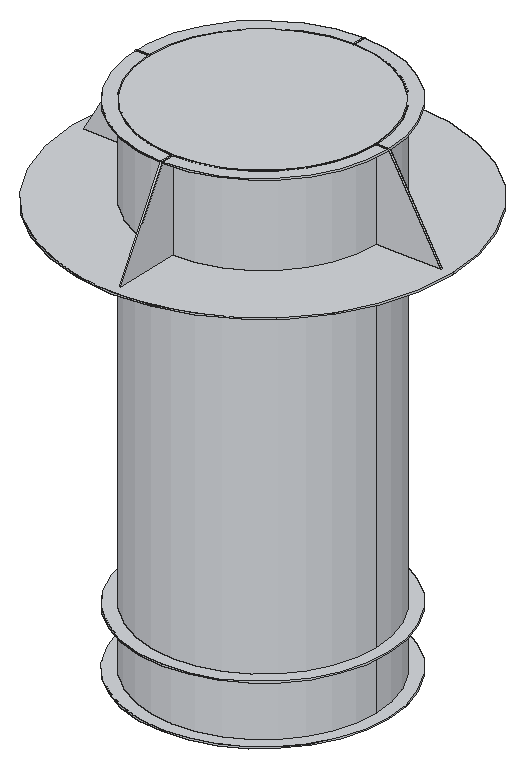
Revit family "НЕВАТОМ_Узел прохода УП3-2, версия 1", category Арматура воздуховодов, Revit 2017
Family settings
  Размер круглого соединителя = Использовать диаметр
  Тип детали = Вставляется
  На основе рабочей плоскости = Нет
  Всегда вертикально = Да
  При загрузке вырезать с полостями = Нет
  Общий = Нет
Parameters (values of type "УЗЕЛ ПРОХОДА-УП3-2-0-500-1000")
  t = 3 mm
  d1 = D1 - D / 10  # 790 mm
  Nevatom_URL = "https://t.me/NEVATOM_Bim_bot"
  L = 1000 mm  # constant formula
  H = 200 mm
  D2 наруж. опорного к. = D1  # 840 mm
  Df1 = 525 mm
  Df наружн. фланц. = (Df1 - D + 3 mm) * 2 + D + 3 mm  # 559 mm
  D1 = 840 mm
  D+3 = D + 3 mm  # 503 mm
  D = 500 mm
  ADSK_Ток = 0 A
  ADSK_Размер_Ширина = D1  # 840 mm
  ADSK_Размер_Длина = D1  # 840 mm
  ADSK_Размер_Высота = L + 130 mm  # 1130 mm
  ADSK_Примечание = ""
  ADSK_Полная мощность = 0 VA
  ADSK_Позиция = ""
  ADSK_Напряжение = 0 V
  ADSK_Наименование [instance] = "Узел прохода"  # constant formula
  ADSK_Материал наименование = "Черная сталь"  # constant formula
  ADSK_Марка [instance] = "УП3-2-0-500-1000"
  ADSK_Количество = 1  # constant formula
  ADSK_Код изделия = ""
  ADSK_Завод-изготовитель = "НЕВАТОМ"  # constant formula
  ADSK_Единица измерения = "шт."  # constant formula
  130 = 130 mm  # constant formula
Types (17, lengths in mm): name | d1 | D2 наруж. опорного к. | Df1 | Df наружн. фланц. | D1 | D+3 | D | ADSK_Размер_Ширина | ADSK_Размер_Длина | ADSK_Марка
  (no name) | 790 | 840 | 525 | 559 | 840 | 503 | 500 | 840 | 840 | "УП3-2-0-500-1000"
  УЗЕЛ ПРОХОДА-УП3-2-0-200-1000 | 520 | 540 | 230 | 269 | 540 | 203 | 200 | 540 | 540 | "УП3-2-0-200-1000"
  УЗЕЛ ПРОХОДА-УП3-2-0-250-1000 | 515 | 540 | 280 | 319 | 540 | 253 | 250 | 540 | 540 | "УП3-2-0-250-1000"
  УЗЕЛ ПРОХОДА-УП3-2-0-280-1000 | 512 | 540 | 310 | 349 | 540 | 283 | 280 | 540 | 540 | "УП3-2-0-280-1000"
  УЗЕЛ ПРОХОДА-УП3-2-0-315-1000 | 658.5 | 690 | 345 | 384 | 690 | 318 | 315 | 690 | 690 | "УП3-2-0-315-1000"
  УЗЕЛ ПРОХОДА-УП3-2-0-355-1000 | 654.5 | 690 | 380 | 414 | 690 | 358 | 355 | 690 | 690 | "УП3-2-0-355-1000"
  УЗЕЛ ПРОХОДА-УП3-2-0-400-1000 | 800 | 840 | 425 | 459 | 840 | 403 | 400 | 840 | 840 | "УП3-2-0-400-1000"
  УЗЕЛ ПРОХОДА-УП3-2-0-450-1000 | 795 | 840 | 475 | 509 | 840 | 453 | 450 | 840 | 840 | "УП3-2-0-450-1000"
  УЗЕЛ ПРОХОДА-УП3-2-0-500-1000 | 790 | 840 | 525 | 559 | 840 | 503 | 500 | 840 | 840 | "УП3-2-0-500-1000"
  УЗЕЛ ПРОХОДА-УП3-2-0-560-1000 | 784 | 840 | 585 | 619 | 840 | 563 | 560 | 840 | 840 | "УП3-2-0-560-1000"
  УЗЕЛ ПРОХОДА-УП3-2-0-630-1000 | 1077 | 1140 | 655 | 689 | 1140 | 633 | 630 | 1140 | 1140 | "УП3-2-0-630-1000"
  УЗЕЛ ПРОХОДА-УП3-2-0-710-1000 | 1069 | 1140 | 742 | 783 | 1140 | 713 | 710 | 1140 | 1140 | "УП3-2-0-710-1000"
  УЗЕЛ ПРОХОДА-УП3-2-0-800-1000 | 1060 | 1140 | 832 | 873 | 1140 | 803 | 800 | 1140 | 1140 | "УП3-2-0-800-1000"
  УЗЕЛ ПРОХОДА-УП3-2-0-900-1000 | 1130 | 1220 | 932 | 973 | 1220 | 903 | 900 | 1220 | 1220 | "УП3-2-0-900-1000"
  УЗЕЛ ПРОХОДА-УП3-2-0-1000-1000 | 1240 | 1340 | 1032 | 1073 | 1340 | 1003 | 1000 | 1340 | 1340 | "УП3-2-0-1000-1000"
  УЗЕЛ ПРОХОДА-УП3-2-0-1120-1000 | 1338 | 1450 | 1152 | 1193 | 1450 | 1123 | 1120 | 1450 | 1450 | "УП3-2-0-1120-1000"
  УЗЕЛ ПРОХОДА-УП3-2-0-1250-1000 | 1465 | 1590 | 1282 | 1323 | 1590 | 1253 | 1250 | 1590 | 1590 | "УП3-2-0-1250-1000"
Reference planes
  plane 1 "По центру (Вперед/Назад)": y = 0
  plane 2: z = 0
  plane 3 "По центру (Влево/Вправо)": x = 0
  plane 4: z = 930
  plane 5: z = 1130
  plane 6: x = -395
  plane 7: x = 395
  plane 8: y = 395
  plane 9: y = -395
  plane 10: y = -137.5
  plane 11: y = 137.5
  plane 12: y = -250
  plane 13: y = 250
  plane 14: x = -250
  plane 15: x = 250
  plane 16: x = 279.5
  plane 17: x = -279.5
  plane 18: y = -279.5
  plane 19: y = 279.5
  plane 20: z = 130
Forms (mm)
  Extrusion 1, solid
    sketch origin (0, 0, 0) x (1, 0, 0) y (0, 1, 0)
      loop
        circle (0, 0) r 250
    from 0 to 1130
  Extrusion 2, solid
    sketch origin (0, 0, 0) x (1, 0, 0) y (0, 1, 0)
      loop
        circle (0, 0) r 420
    from 930 to 933
  Extrusion 3, solid
    sketch origin (0, 0, 0) x (0, 1, 0) y (0, 0, 1)
      loop
        line (-250, 1130) -> (-279.5, 1130) -> (-395, 933) -> (-250, 933) -> (-250, 1130)
      loop
        line (250, 1130) -> (250, 933) -> (395, 933) -> (279.5, 1130) -> (250, 1130)
    from -1.5 to 1.5
  Extrusion 4, solid
    sketch origin (0, 0, 0) x (1, 0, 0) y (0, 0, 1)
      loop
        line (250, 1130) -> (250, 933) -> (395, 933) -> (279.5, 1130) -> (250, 1130)
      loop
        line (-395, 933) -> (-250, 933) -> (-250, 1130) -> (-279.5, 1130) -> (-395, 933)
    from -1.5 to 1.5
  Extrusion 5, solid
    sketch origin (0, 0, 0) x (1, 0, 0) y (0, 1, 0)
      loop
        circle (0, 0) r 251.5
    from 0 to 1130
  Extrusion 6, solid
    sketch origin (0, 0, 0) x (1, 0, 0) y (0, 1, 0)
      loop
        circle (0, 0) r 251.5
      loop
        circle (0, 0) r 279.5
    from 0 to 3
  Extrusion 7, solid
    sketch origin (0, 0, 1020) x (0, -1, 0) y (1, 0, 0)
      loop
        circle (0, 0) r 251.5
      loop
        circle (0, 0) r 279.5
    from 107 to 110
  Extrusion 8, solid
    sketch origin (0, 0, 60) x (0, -1, 0) y (1, 0, 0)
      loop
        circle (0, 0) r 251.5
      loop
        circle (0, 0) r 279.5
    from 70 to 73
Dimensions and locks
  "H": plane 5 to plane 4
  "t": Extrusion 2 to plane 4
  equal spacing: plane 6, plane 3 "По центру (Влево/Вправо)", plane 7
  "d1": plane 6 to plane 7
  equal spacing: plane 8, plane 1 "По центру (Вперед/Назад)", plane 9
  "d1": plane 8 to plane 9
  equal spacing: plane 11, plane 1 "По центру (Вперед/Назад)", plane 10
  plane 11 to plane 10 = 275 mm
  equal spacing: plane 12, plane 1 "По центру (Вперед/Назад)", plane 13
  "D": plane 12 to plane 13
  equal spacing: Extrusion 3, plane 3 "По центру (Влево/Вправо)", Extrusion 3
  "t": Extrusion 3 to Extrusion 3
  equal spacing: plane 15, plane 3 "По центру (Влево/Вправо)", plane 14
  "D": plane 15 to plane 14
  equal spacing: Extrusion 4, plane 1 "По центру (Вперед/Назад)", Extrusion 4
  "t": Extrusion 4 to Extrusion 4
  "t": Extrusion 6 to level
  "t": plane 5 to Extrusion 7
  plane 7 to plane 6 = 790 mm
  equal spacing: plane 16, plane 3 "По центру (Влево/Вправо)", plane 17
  "Df наружн. фланц.": plane 16 to plane 17
  equal spacing: plane 10, plane 1 "По центру (Вперед/Назад)", plane 11
  plane 10 to plane 11 = 275 mm
  equal spacing: plane 18, plane 1 "По центру (Вперед/Назад)", plane 19
  "Df наружн. фланц.": plane 18 to plane 19
  "130": plane 20 to level
  "L": plane 5 to plane 20
  "t": Extrusion 8 to plane 20
  "D": diameter of Extrusion 1 sketch curve
  "D1": diameter of Extrusion 2 sketch curve
  "D+3": diameter of Extrusion 5 sketch curve
  "D+3": diameter of Extrusion 6 sketch curve
  "Df наружн. фланц.": diameter of Extrusion 6 sketch curve
  "D+3": diameter of Extrusion 7 sketch curve
  "Df наружн. фланц.": diameter of Extrusion 7 sketch curve
  "D+3": diameter of Extrusion 8 sketch curve
  "Df наружн. фланц.": diameter of Extrusion 8 sketch curve
  aligned and locked: level to plane 2
  aligned and locked: plane 5 to Extrusion 1
  aligned and locked: Extrusion 1 to level
  aligned and locked: Extrusion 2 to plane 4
  aligned and locked: Extrusion 2 to Extrusion 3 sketch curve
  aligned and locked: Extrusion 3 sketch curve to Extrusion 2
  aligned and locked: Extrusion 3 sketch curve to plane 12
  aligned and locked: Extrusion 3 sketch curve to plane 13
  aligned and locked: Extrusion 4 sketch curve to Extrusion 2  (x2)
  aligned and locked: plane 5 to Extrusion 4 sketch curve  (x2)
  aligned and locked: Extrusion 1 to Extrusion 4 sketch curve
  aligned and locked: plane 14 to Extrusion 4 sketch curve
  aligned and locked: Extrusion 4 sketch curve to plane 15
  aligned and locked: plane 5 to Extrusion 5
  aligned and locked: Extrusion 5 to level
  aligned and locked: Extrusion 6 to level
  aligned and locked: plane 5 to Extrusion 7
  aligned and locked: plane 6 to Extrusion 4 sketch curve
  aligned and locked: plane 16 to Extrusion 4 sketch curve
  aligned and locked: plane 17 to Extrusion 4 sketch curve
  aligned and locked: plane 5 to Extrusion 3 sketch curve  (x2)
  aligned and locked: plane 19 to Extrusion 3 sketch curve
  aligned and locked: plane 18 to Extrusion 3 sketch curve
  aligned and locked: plane 9 to Extrusion 3 sketch curve
  aligned and locked: plane 8 to Extrusion 3 sketch curve
  aligned and locked: Extrusion 8 to plane 20
Automatic sketch dimensions
  plane 1 "По центру (Вперед/Назад)" to Extrusion 1 sketch curve = 0 mm
  Extrusion 1 sketch curve to plane 3 "По центру (Влево/Вправо)" = 0 mm
  plane 1 "По центру (Вперед/Назад)" to Extrusion 2 sketch curve = 0 mm
  Extrusion 2 sketch curve to plane 3 "По центру (Влево/Вправо)" = 0 mm
  Extrusion 4 sketch curve to plane 7 = 0 mm
  plane 1 "По центру (Вперед/Назад)" to Extrusion 5 sketch curve = 0 mm
  Extrusion 5 sketch curve to plane 3 "По центру (Влево/Вправо)" = 0 mm
  Extrusion 6 sketch curve to Extrusion 6 sketch curve = 0 mm  (x2)
  plane 1 "По центру (Вперед/Назад)" to Extrusion 6 sketch curve = 0 mm
  Extrusion 6 sketch curve to plane 3 "По центру (Влево/Вправо)" = 0 mm
  Extrusion 7 sketch curve to Extrusion 7 sketch curve = 0 mm  (x2)
  plane 1 "По центру (Вперед/Назад)" to Extrusion 7 sketch curve = 0 mm
  Extrusion 7 sketch curve to plane 3 "По центру (Влево/Вправо)" = 0 mm
  Extrusion 8 sketch curve to Extrusion 8 sketch curve = 0 mm  (x2)
  plane 1 "По центру (Вперед/Назад)" to Extrusion 8 sketch curve = 0 mm
  Extrusion 8 sketch curve to plane 3 "По центру (Влево/Вправо)" = 0 mm
Connectors
  hvac at (0, 0, 1130), driven by "D"
    settings: on Extrusion 1, index 1, duct flow 0.0 L/s, flow factor 0, pres drop 0.0 Pa, loss coef 0, conn angle 0.00°, conn width 304.8 mm, conn height 304.8 mm, conn diameter 500 mm, duct sys type 29, conn prof type 0, flow config 0, flow direction 0, loss method 0, conn ref index 2, conn util no, is conn primary yes, conn desc ""
  hvac at (0, 0, 0), driven by "D"
    settings: on Extrusion 1, index 2, duct flow 0.0 L/s, flow factor 0, pres drop 0.0 Pa, loss coef 0, conn angle 0.00°, conn width 304.8 mm, conn height 304.8 mm, conn diameter 500 mm, duct sys type 29, conn prof type 0, flow config 0, flow direction 0, loss method 0, conn ref index 1, conn util no, is conn primary no, conn desc ""
